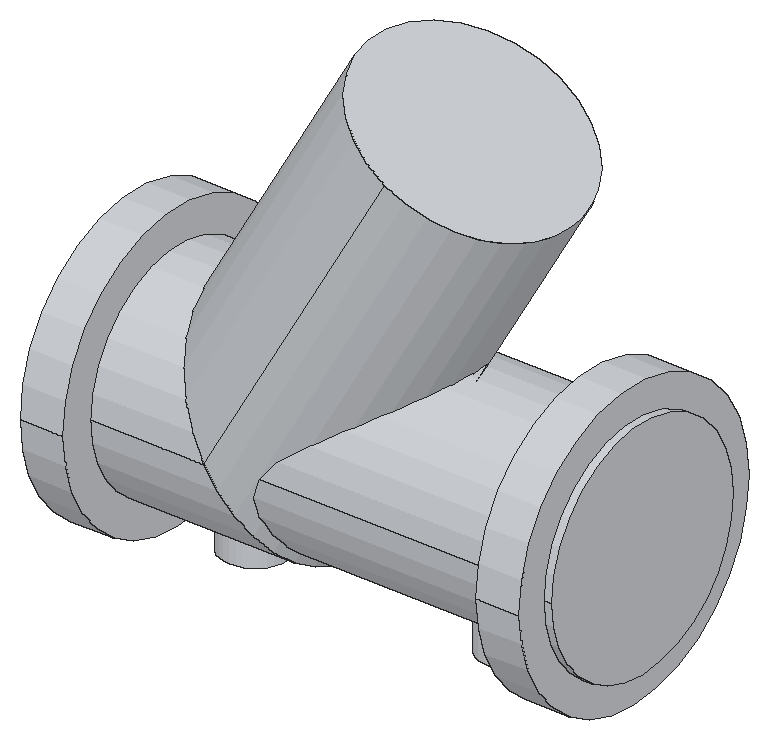
Revit family "HS 821-síto_standard-PN16-DN250-RFA_2018", category Pipe Accessories, Revit 2018
Family settings
  Round Connector Dimension = Use Diameter
  Part Type = Breaks Into
  Work Plane-Based = No
  Always vertical = Yes
  Cut with Voids When Loaded = No
  Shared = No
Parameters (values of type "821A-DN250-PN16-síto_standard")
  magiProductId = "05e37ed948c34047acdd4c42556504"
  magiProductFamilyId = "79214ac3aaa945e397802f559f5c1e"
  magiPartTypeId = 307
  isMeasuringValve [instance] = no
  ang2D [instance] = 0.00°
  ZB__ve = -ZB  # -62.75 mm
  ZB1 = 129.195 mm
  ZB = 62.75 mm
  X2 = 255.911 mm
  X1 = 102.2 mm
  W2D = 15 mm
  VersionID = "2.0/2017.9.26.1/ZETKAMA_821_001"
  Use Minimum Symbol Size [instance] = yes
  URL = "www.hydronix.cz"
  Type Comments = "Filtr přírubový; síto standardní; A-PN16 (-10~300°C); D-PN25 (-10~350°C); F-PN40 (-10~400°C)"
  S = 319 mm
  QmdConnectorList = "301;D;302;D"
  Productdata [instance] = ""
  Manufacturer = "Hydronix"
  MC Product Code = "200 194 (821A; DN250; PN16; kvs1234; oko síta 1,60mm)"
  LM1 = 58.4 mm
  LM = 584 mm
  L4 = 182.5 mm
  L2D_Min = 3048 mm
  L2D = 130 mm
  L2 = 365 mm
  HH2 = 443.25 mm
  FD = 405 mm
  Description = "Filtr přírubový; síto standardní; 821A-PN16; 821D-PN25; 821F-PN40"
  DM1 = 309.6 mm
  DM = 287.1 mm
  D = 250 mm
  CC = 12.41 mm
  CAT0 = yes
  C1 = 60.59 mm
  C = 73 mm
  BD = 90.436 mm
Types (40, lengths in mm): name | magiProductId | ZB__ve | ZB1 | ZB | X2 | X1 | S | MC Product Code | LM1 | LM | L4 | L2 | HH2 | FD | DM1 | DM | D | CC | C1 | C | BD
  821A-DN015-PN16-síto_standard | "a71bcfe8b393460598b23e8ddf7dc5" | -16.25 | 18.63 | 16.25 | 46.982 | 18.2 | 46 | "200 115 (821A; DN015; PN16; kvs6,3; oko síta 1,00mm)" | 10.4 | 104 | 32.5 | 65 | 81.375 | 95 | 27.6 | 41.4 | 15 | 2.21 | 10.79 | 13 | 13.041
  821A-DN020-PN16-síto_standard | "41cd6c7a12924f4991217528336076" | -17.75 | 22.68 | 17.75 | 51.673 | 21 | 56 | "200 120 (821A; DN020; PN16; kvs11,2; oko síta 1,00mm)" | 12 | 120 | 37.5 | 75 | 89.5 | 105 | 33.6 | 50.4 | 20 | 2.55 | 12.45 | 15 | 15.876
  821A-DN025-PN16-síto_standard | "be378b463ed14c3abf4c9b3ae8cf3a" | -19.25 | 26.325 | 19.25 | 58.601 | 22.4 | 65 | "200 125 (821A; DN025; PN16; kvs14,7; oko síta 1,00mm)" | 12.8 | 128 | 40 | 80 | 101.5 | 115 | 43.2 | 58.5 | 25 | 2.72 | 13.28 | 16 | 18.427
  821A-DN032-PN16-síto_standard | "227a0d18b21540afabe8b6067d35fa" | -23 | 30.78 | 23 | 68.849 | 25.2 | 76 | "200 132 (821A; DN032; PN16; kvs23,7; oko síta 1,00mm)" | 14.4 | 144 | 45 | 90 | 119.25 | 140 | 50.4 | 68.4 | 32 | 3.06 | 14.94 | 18 | 21.546
  821A-DN040-PN16-síto_standard | "d106917c74724141a10440112d0102" | -24.5 | 34.02 | 24.5 | 75.777 | 28 | 84 | "200 140 (821A; DN040; PN16; kvs37,7; oko síta 1,00mm)" | 16 | 160 | 50 | 100 | 131.25 | 150 | 60 | 75.6 | 40 | 3.4 | 16.6 | 20 | 23.814
  821A-DN050-PN16-síto_standard | "8255d456a09e4f6486734f5dd9171b" | -26.75 | 40.095 | 26.75 | 79.061 | 32.2 | 99 | "200 150 (821A; DN050 PN16; kvs57,9; oko síta 1,00mm)" | 18.4 | 184 | 57.5 | 115 | 136.938 | 165 | 73.8 | 89.1 | 50 | 3.91 | 19.09 | 23 | 28.066
  821A-DN065-PN16-síto_standard | "235b1b3e4c0843779a4d5e3716d40a" | -29.75 | 47.79 | 29.75 | 86.927 | 40.6 | 118 | "200 165 (821A; DN065; PN16; kvs101,5; oko síta 1,25mm)" | 23.2 | 232 | 72.5 | 145 | 150.562 | 185 | 94.2 | 106.2 | 65 | 4.93 | 24.07 | 29 | 33.453
  821A-DN080-PN16-síto_standard | "a067f7c5236348ed8c820d16df7214" | -32 | 53.46 | 32 | 104.753 | 43.4 | 132 | "200 180 (821A; DN080; PN16; kvs147,4; oko síta 1,25mm)" | 24.8 | 248 | 77.5 | 155 | 181.438 | 200 | 107.4 | 118.8 | 80 | 5.27 | 25.73 | 31 | 37.422
  821A-DN100-PN16-síto_standard | "c49a648c2747461285837d643703cd" | -35 | 63.18 | 35 | 114.857 | 49 | 156 | "200 190 (821A; DN100; PN16; kvs209,6; oko síta 1,60mm)" | 28 | 280 | 87.5 | 175 | 198.937 | 220 | 131.4 | 140.4 | 100 | 5.95 | 29.05 | 35 | 44.226
  821A-DN125-PN16-síto_standard | "bf68e728a163493cbd2a663b26ebdc" | -39.5 | 74.52 | 39.5 | 131.888 | 56 | 184 | "200 191 (821A; DN125; PN16; kvs326,2; oko síta 1,60mm)" | 32 | 320 | 100 | 200 | 228.438 | 250 | 165 | 165.6 | 125 | 6.8 | 33.2 | 40 | 52.164
  821A-DN150-PN16-síto_standard | "2de770284b654863ae6bc865769dc5" | -44.75 | 85.455 | 44.75 | 155.885 | 67.2 | 211 | "200 192 (821A; DN150; PN16; kvs403; oko síta 1,60mm)" | 38.4 | 384 | 120 | 240 | 270 | 285 | 192 | 189.9 | 150 | 8.16 | 39.84 | 48 | 59.818
  821A-DN200-PN16-síto_standard | "8e5693371ab64aabb29a7f08c76e15" | -53 | 107.73 | 53 | 188.361 | 84 | 266 | "200 193 (821A; DN200; PN16; kvs707; oko síta 1,60mm)" | 48 | 480 | 150 | 300 | 326.25 | 340 | 252 | 239.4 | 200 | 10.2 | 49.8 | 60 | 75.411
  821A-DN250-PN16-síto_standard | "05e37ed948c34047acdd4c42556504" | -62.75 | 129.195 | 62.75 | 255.911 | 102.2 | 319 | "200 194 (821A; DN250; PN16; kvs1234; oko síta 1,60mm)" | 58.4 | 584 | 182.5 | 365 | 443.25 | 405 | 309.6 | 287.1 | 250 | 12.41 | 60.59 | 73 | 90.436
  821A-DN300-PN16-síto_standard | "9ad0af747269428da925480d83ce80" | -71 | 149.85 | 71 | 325.914 | 119 | 370 | "200 195 (821A; DN300; PN16; kvs1916; oko síta 1,60mm)" | 68 | 680 | 212.5 | 425 | 564.5 | 460 | 369.6 | 333 | 300 | 14.45 | 70.55 | 85 | 104.895
  821A-DN350-PN16-síto_standard | "eebc71459bb3451bb4355e7951370a" | -80 | 173.745 | 80 | 356.875 | 137.2 | 429 | "200 196 (821A; DN350; PN16; kvs2621; oko síta 1,60mm)" | 78.4 | 784 | 245 | 490 | 618.125 | 520 | 438 | 386.1 | 350 | 16.66 | 81.34 | 98 | 121.621
  821A-DN400-PN16-síto_standard | "d2f677cb196647e385b2590e7d8abe" | -89 | 194.4 | 89 | 392.237 | 154 | 480 | "200 197 (821A; DN400; PN16; kvs3460; oko síta 1,60mm)" | 88 | 880 | 275 | 550 | 679.375 | 580 | 498 | 432 | 400 | 18.7 | 91.3 | 110 | 136.08
  821D-DN015-PN25-síto_standard | "27ddcbf555414f8ca1fde329bf9087" | -16.25 | 18.63 | 16.25 | 46.982 | 18.2 | 46 | "200 215 (821D; DN015; PN25; kvs6,3; oko síta 1,00mm)" | 10.4 | 104 | 32.5 | 65 | 81.375 | 95 | 27.6 | 41.4 | 15 | 2.21 | 10.79 | 13 | 13.041
  821D-DN020-PN25-síto_standard | "270e0f14012f47189cd0235c18faee" | -17.75 | 22.68 | 17.75 | 51.673 | 21 | 56 | "200 220 (821D; DN020; PN25; kvs11,2; oko síta 1,00mm)" | 12 | 120 | 37.5 | 75 | 89.5 | 105 | 33.6 | 50.4 | 20 | 2.55 | 12.45 | 15 | 15.876
  821D-DN025-PN25-síto_standard | "b9a7fb4aa36643878c637d8e1ab992" | -19.25 | 26.325 | 19.25 | 58.601 | 22.4 | 65 | "200 225 (821D; DN025; PN25; kvs14,7; oko síta 1,00mm)" | 12.8 | 128 | 40 | 80 | 101.5 | 115 | 43.2 | 58.5 | 25 | 2.72 | 13.28 | 16 | 18.427
  821D-DN032-PN25-síto_standard | "6be9a55c4e68400f94eec7e804204c" | -23 | 30.78 | 23 | 68.849 | 25.2 | 76 | "200 232 (821D; DN032; PN25; kvs23,7; oko síta 1,00mm)" | 14.4 | 144 | 45 | 90 | 119.25 | 140 | 50.4 | 68.4 | 32 | 3.06 | 14.94 | 18 | 21.546
  821D-DN040-PN25-síto_standard | "c54511bd7f584ec2984291479612cb" | -24.5 | 34.02 | 24.5 | 75.777 | 28 | 84 | "200 240 (821D; DN040; PN25; kvs37,7; oko síta 1,00mm)" | 16 | 160 | 50 | 100 | 131.25 | 150 | 60 | 75.6 | 40 | 3.4 | 16.6 | 20 | 23.814
  821D-DN050-PN25-síto_standard | "5483b1f596b04cd39b23a14a22c90e" | -26.75 | 40.095 | 26.75 | 79.061 | 32.2 | 99 | "200 250 (821D; DN050; PN25; kvs57,9; oko síta 1,00mm)" | 18.4 | 184 | 57.5 | 115 | 136.938 | 165 | 73.8 | 89.1 | 50 | 3.91 | 19.09 | 23 | 28.066
  821D-DN065-PN25-síto_standard | "767b0f8318e94750bc7a9930ed5b30" | -29.75 | 47.79 | 29.75 | 86.927 | 40.6 | 118 | "200 265 (821D; DN065; PN25; kvs101,5; oko síta 1,25mm)" | 23.2 | 232 | 72.5 | 145 | 150.562 | 185 | 94.2 | 106.2 | 65 | 4.93 | 24.07 | 29 | 33.453
  821D-DN080-PN25-síto_standard | "e21040fa3cc2404b858198f6b73709" | -32 | 53.46 | 32 | 104.753 | 43.4 | 132 | "200 280 (821D; DN080; PN25; kvs147,4; oko síta 1,25mm)" | 24.8 | 248 | 77.5 | 155 | 181.438 | 200 | 107.4 | 118.8 | 80 | 5.27 | 25.73 | 31 | 37.422
  821D-DN100-PN25-síto_standard | "175ca87a506b40b3bc6b82f12f33cf" | -37.25 | 63.18 | 37.25 | 114.857 | 49 | 156 | "200 290 (821D; DN100; PN25; kvs209,6; oko síta 1,60mm)" | 28 | 280 | 87.5 | 175 | 198.937 | 235 | 131.4 | 140.4 | 100 | 5.95 | 29.05 | 35 | 44.226
  821D-DN125-PN25-síto_standard | "77cc98d60da24855999a22dff726b2" | -42.5 | 74.52 | 42.5 | 131.888 | 56 | 184 | "200 291 (821D; DN125; PN25; kvs326,2; oko síta 1,60mm)" | 32 | 320 | 100 | 200 | 228.438 | 270 | 165 | 165.6 | 125 | 6.8 | 33.2 | 40 | 52.164
  821D-DN150-PN25-síto_standard | "9cf8acfcd15547d68e83172d3abcbe" | -47 | 85.455 | 47 | 155.885 | 67.2 | 211 | "200 292 (821D; DN150; PN25; kvs403; oko síta 1,60mm)" | 38.4 | 384 | 120 | 240 | 270 | 300 | 192 | 189.9 | 150 | 8.16 | 39.84 | 48 | 59.818
  821D-DN200-PN25-síto_standard | "16973f3c9ea14389ba8602495a6b64" | -56 | 110.97 | 56 | 188.361 | 84 | 274 | "200 293 (821D; DN200; PN25; kvs707; oko síta 1,60mm)" | 48 | 480 | 150 | 300 | 326.25 | 360 | 252 | 246.6 | 200 | 10.2 | 49.8 | 60 | 77.679
  821F-DN015-PN40-síto_standard | "4c7eaf3c4c0340888b3e684d8a8616" | -16.25 | 18.225 | 16.25 | 46.982 | 18.2 | 45 | "240 615 (821F; DN015; PN40; kvs6,3; oko síta 1,00mm)" | 10.4 | 104 | 32.5 | 65 | 81.375 | 95 | 27.6 | 40.5 | 15 | 2.21 | 10.79 | 13 | 12.757
  821F-DN020-PN40-síto_standard | "aaac5f1ec96b44d6ba96ac2293d66d" | -17.75 | 23.49 | 17.75 | 51.673 | 21 | 58 | "240 620 (821F; DN020; PN40; kvs11,2; oko síta 1,00mm)" | 12 | 120 | 37.5 | 75 | 89.5 | 105 | 33.6 | 52.2 | 20 | 2.55 | 12.45 | 15 | 16.443
  821F-DN025-PN40-síto_standard | "504768023968471481789485b54c7e" | -19.25 | 27.54 | 19.25 | 58.601 | 22.4 | 68 | "240 625 (821F; DN025; PN40; kvs14,7; oko síta 1,00mm)" | 12.8 | 128 | 40 | 80 | 101.5 | 115 | 43.2 | 61.2 | 25 | 2.72 | 13.28 | 16 | 19.278
  821F-DN032-PN40-síto_standard | "165e7f39cf744f329bdf1c400dad12" | -23 | 31.59 | 23 | 68.849 | 25.2 | 78 | "240 632 (821F; DN032; PN40; kvs23,7; oko síta 1,00mm)" | 14.4 | 144 | 45 | 90 | 119.25 | 140 | 50.4 | 70.2 | 32 | 3.06 | 14.94 | 18 | 22.113
  821F-DN040-PN40-síto_standard | "b8903f952089408fbf3a5a632bab1f" | -24.5 | 35.64 | 24.5 | 75.777 | 28 | 88 | "240 640 (821F; DN040; PN40; kvs37,7; oko síta 1,00mm)" | 16 | 160 | 50 | 100 | 131.25 | 150 | 60 | 79.2 | 40 | 3.4 | 16.6 | 20 | 24.948
  821F-DN050-PN40-síto_standard | "c451f97266fe48da8f879cb6a2bd44" | -26.75 | 41.31 | 26.75 | 79.061 | 32.2 | 102 | "240 650 (821F; DN050; PN40; kvs57,9; oko síta 1,00mm)" | 18.4 | 184 | 57.5 | 115 | 136.938 | 165 | 73.8 | 91.8 | 50 | 3.91 | 19.09 | 23 | 28.917
  821F-DN065-PN40-síto_standard | "dc9821e3f9b34e128f6a8c6b34c198" | -29.75 | 49.41 | 29.75 | 86.927 | 40.6 | 122 | "240 665 (821F; DN065; PN40; kvs101,5; oko síta 1,25mm)" | 23.2 | 232 | 72.5 | 145 | 150.562 | 185 | 94.2 | 109.8 | 65 | 4.93 | 24.07 | 29 | 34.587
  821F-DN080-PN40-síto_standard | "689aa1e260f84cf4994f027a1d86b5" | -32 | 55.89 | 32 | 104.753 | 43.4 | 138 | "240 680 (821F; DN080; PN40; kvs147,4; oko síta 1,25mm)" | 24.8 | 248 | 77.5 | 155 | 181.438 | 200 | 107.4 | 124.2 | 80 | 5.27 | 25.73 | 31 | 39.123
  821F-DN100-PN40-síto_standard | "8a45d4e8e2ab425f8c432f21d684f3" | -37.25 | 65.61 | 37.25 | 114.857 | 49 | 162 | "240 690 (821F; DN100; PN40; kvs209,6; oko síta 1,6mm)" | 28 | 280 | 87.5 | 175 | 198.937 | 235 | 131.4 | 145.8 | 100 | 5.95 | 29.05 | 35 | 45.927
  821F-DN125-PN40-síto_standard | "cf073904c006406b8645afa67ea2fc" | -42.5 | 76.14 | 42.5 | 131.888 | 56 | 188 | "240 691 (821F; DN125; PN40; kvs326,2; oko síta 1,6mm)" | 32 | 320 | 100 | 200 | 228.438 | 270 | 165 | 169.2 | 125 | 6.8 | 33.2 | 40 | 53.298
  821F-DN150-PN40-síto_standard | "0153b9ddabe14992a630484929fdbc" | -47 | 88.29 | 47 | 155.885 | 67.2 | 218 | "240 692 (821F; DN150; PN40; kvs403; oko síta 1,6mm)" | 38.4 | 384 | 120 | 240 | 270 | 300 | 192 | 196.2 | 150 | 8.16 | 39.84 | 48 | 61.803
  821F-DN200-PN40-síto_standard | "7fb3fc01dd8d42428c203e3f8dd4d5" | -56 | 115.425 | 56 | 188.361 | 84 | 285 | "240 693 (821F; DN200; PN40; kvs707; oko síta 1,6mm)" | 48 | 480 | 150 | 300 | 326.25 | 360 | 252 | 256.5 | 200 | 10.2 | 49.8 | 60 | 80.797
Reference planes
  plane 1 "Center (Front/Back)": y = 0
  plane 2 "XYPLANE": z = 0
  plane 3 "Center (Left/Right)": x = 0
  plane 4 "109": x = -233.6
  plane 5 "108": x = 292
  plane 6 "107": x = -292
  plane 7 "105": x = 365
  plane 8 "104": x = -365
  plane 9 "103": y = 0
  plane 10 "102": z = 0
  plane 11 "101": x = -352.59
  plane 12 "100": x = 352.59
  plane 13 "11": x = -131.4
  plane 14 "10": z = 443.25
  plane 15 "9": x = 124.511
  plane 16 "5": z = -129.195
  plane 17 "4": x = -182.5
  plane 18 "1": x = 182.5
Forms (mm)
  Extrusion 1, solid, visible <- "CAT0"
    sketch origin (-292, -750, 0) x (0, 1, 0) y (0, 0, 1)
      loop
        circle (750, 0) r 143.55
    from 0 to 584 <- "LM"
  Extrusion 2, solid
    sketch origin (-365, -750, 0) x (0, 1, 0) y (0, 0, 1)
      loop
        circle (750, 0) r 159.5
    from 0 to 12.41 <- "CC"
  Extrusion 3, solid
    sketch origin (-352.59, -750, 0) x (0, 1, 0) y (0, 0, 1)
      loop
        circle (750, 0) r 202.5
    from 0 to 60.59 <- "C1"
  Extrusion 4, solid
    sketch origin (292, -750, 0) x (0, 1, 0) y (0, 0, 1)
      loop
        circle (750, 0) r 202.5
    from 0 to 60.59 <- "C1"
  Extrusion 5, solid
    sketch origin (352.59, -750, 0) x (0, 1, 0) y (0, 0, 1)
      loop
        circle (750, 0) r 159.5
    from 0 to 12.41 <- "CC"
  Sweep 6, solid, visible <- "CAT0"
    path origin (750, 0, 0) x (-1, 0, 0) y (0, 0, 1)
      loop
        line (1042, 0) -> (881.4, 0) -> (625.489, 443.25)
    profile origin (-292, 0, 0) x (0, 0, -1) y (0, 1, 0)
      loop
        circle (0, 0) r 154.8
  Extrusion 7, solid, visible <- "CAT0"
    sketch origin (-750, 0, -129.195) x (1, 0, 0) y (0, 1, 0)
      loop
        circle (567.5, 0) r 45.218
    from 0 to -62.75 <- "ZB__ve"
  Extrusion 8, solid, visible <- "CAT0"
    sketch origin (-750, 0, -129.195) x (1, 0, 0) y (0, 1, 0)
      loop
        circle (932.5, 0) r 45.218
    from 0 to -62.75 <- "ZB__ve"
  Extrusion 9, solid, not visible
    sketch origin (365, -750, 0) x (0, 1, 0) y (0, 0, 1)
      loop
        circle (750, 0) r 10
    from 0 to -10
  Extrusion 10, solid, not visible
    sketch origin (-365, -750, 0) x (0, 1, 0) y (0, 0, 1)
      loop
        circle (750, 0) r 10
    from 0 to 10
Lines and regions (mm)
  reference lines, not visible
    curve 1: circle (2, 2, 0) r 1 normal (0, 0, 1)
Dimensions and locks
  plane 1 "Center (Front/Back)" to curve 1 = 2 mm
  "LM1": plane 6 "107" to plane 4 "109"
  "LM": plane 6 "107" to plane 5 "108"
  "C": plane 8 "104" to plane 6 "107"
  "L2": plane 3 "Center (Left/Right)" to plane 7 "105"
  "L2": plane 3 "Center (Left/Right)" to plane 8 "104"
  locked: plane 1 "Center (Front/Back)" to plane 9 "103"
  locked: plane 2 "XYPLANE" to plane 10 "102"
  "CC": plane 8 "104" to plane 11 "101"
  "C1": plane 5 "108" to plane 12 "100"
  "X1": plane 4 "109" to plane 13 "11"
  "HH2": plane 2 "XYPLANE" to plane 14 "10"
  "X2": plane 13 "11" to plane 15 "9"
  "ZB1": plane 2 "XYPLANE" to plane 16 "5"
  "L4": plane 8 "104" to plane 17 "4"
  "L2": plane 17 "4" to plane 18 "1"
  Sweep 6 sketch curve to Sweep 6 sketch curve = 0 mm  (x2)
  "DM": diameter of Extrusion 1 sketch curve
  "S": diameter of Extrusion 2 sketch curve
  "FD": diameter of Extrusion 3 sketch curve
  "FD": diameter of Extrusion 4 sketch curve
  "S": diameter of Extrusion 5 sketch curve
  "DM1": diameter of Sweep 6 sketch curve
  "BD": diameter of Extrusion 7 sketch curve
  "BD": diameter of Extrusion 8 sketch curve
  aligned and locked: level to plane 2 "XYPLANE"
  aligned and locked: Extrusion 1 sketch curve to plane 9 "103"
  aligned and locked: plane 10 "102" to Extrusion 1 sketch curve
  aligned and locked: Extrusion 2 sketch curve to plane 9 "103"
  aligned and locked: plane 10 "102" to Extrusion 2 sketch curve
  aligned and locked: Extrusion 3 sketch curve to plane 9 "103"
  aligned and locked: plane 10 "102" to Extrusion 3 sketch curve
  aligned and locked: Extrusion 4 sketch curve to plane 9 "103"
  aligned and locked: plane 10 "102" to Extrusion 4 sketch curve
  aligned and locked: Extrusion 5 sketch curve to plane 9 "103"
  aligned and locked: plane 10 "102" to Extrusion 5 sketch curve
  aligned and locked: Sweep 6 sketch curve to plane 9 "103"
  aligned and locked: plane 10 "102" to Sweep 6 sketch curve  (x3)
  aligned and locked: plane 6 "107" to Sweep 6 sketch curve
  aligned and locked: plane 13 "11" to Sweep 6 sketch curve
  aligned and locked: plane 14 "10" to Sweep 6 sketch curve
  aligned and locked: plane 15 "9" to Sweep 6 sketch curve
  aligned and locked: plane 9 "103" to Extrusion 7 sketch curve
  aligned and locked: plane 17 "4" to Extrusion 7 sketch curve
  aligned and locked: plane 9 "103" to Extrusion 8 sketch curve
  aligned and locked: plane 18 "1" to Extrusion 8 sketch curve
  aligned and locked: Extrusion 9 sketch curve to plane 9 "103"
  aligned and locked: plane 10 "102" to Extrusion 9 sketch curve
  aligned and locked: Extrusion 10 sketch curve to plane 9 "103"
  aligned and locked: plane 10 "102" to Extrusion 10 sketch curve
Automatic sketch dimensions
  plane 1 "Center (Front/Back)" to Extrusion 9 sketch curve = 10 mm
  plane 1 "Center (Front/Back)" to Extrusion 10 sketch curve = 10 mm
  plane 3 "Center (Left/Right)" to curve 1 = 2 mm
  radius of curve 1 = 1 mm
Connectors
  piping at (-365, 0, 0), diameter 250, driven by "D"
    settings: on Extrusion 10, index 1, connector inside diameter 609.6 mm, connector length 0 mm, flow factor 0, pipe flow 0.0 L/s, pressure drop 0.0 Pa, fitting loss kfactor 0, connector angle 0.00°, fixture units 0, engagement length 0 mm, angle of deflection 0.00°, flow configuration 0, flow direction 0, fitting loss method 0, system type 29, joint type 0, gender type 0, connector reference index 2, connector utility 0, adjustable connector no, is connector primary yes, connector description ""
  piping at (365, 0, 0), diameter 250, driven by "D"
    settings: on Extrusion 9, index 2, connector inside diameter 609.6 mm, connector length 0 mm, flow factor 0, pipe flow 0.0 L/s, pressure drop 0.0 Pa, fitting loss kfactor 0, connector angle 0.00°, fixture units 0, engagement length 0 mm, angle of deflection 0.00°, flow configuration 0, flow direction 0, fitting loss method 0, system type 29, joint type 0, gender type 0, connector reference index 1, connector utility 0, adjustable connector no, is connector primary no, connector description ""
